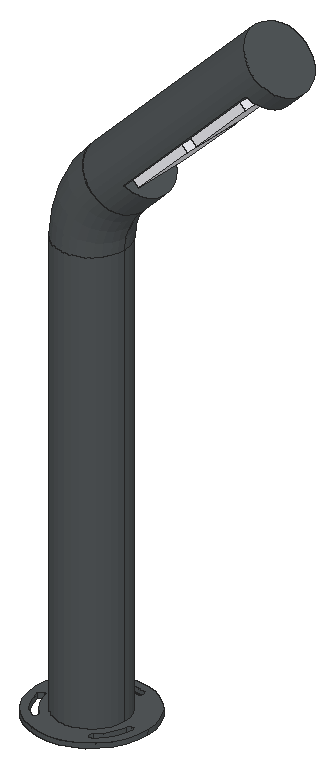
Revit family "Дио_мини", category Осветительные приборы, Revit 2019 (continued)
Parameters (values of type "ДТУ932 Светодиодный светильник Дио мини ДТУ-93-AF-12Вт-0,9")
    \r\n 126.7 125.5 124.1 122.6 121.0 119.5 117.8 116.3 115.0 113.9 113.1 112.5 111.8 110.7 109.5 108.5 107.4 106.4 105.3 104.2 102.8\r\n 101.5 100.3 99.3 98.4 97.7 97.1 96.4 96.1 95.6 95.3 95.0 94.7 94.8 94.8 94.9 95.1 95.1 95.3 95.3 95.4 95.6 95.7 96.0 96.2 96.3\r\n 96.5 96.6 96.7 96.8 97.0 97.3 97.5 97.7 97.6 97.4 97.0 96.3 95.4 93.9 92.3 90.1 87.4 84.4 80.8 77.3 74.2 71.4 69.4 67.2 64.7 62.7\r\n 60.6 58.5 56.1 53.6 51.2 48.9 46.6 44.5 42.6 40.8 39.1 37.7 36.2 34.6 32.6 30.4 28.3 26.1 24.0 21.7 19.4 16.8 13.9 10.9 8.4 7.2\r\n 6.3 5.5 4.6 4.0 3.6 3.3 3.1 3.0 3.0 2.9 2.8 2.7 2.6 2.6 2.7 2.8 2.9 2.7 2.3 0.3 0.0 0.0 0.0 0.0 0.0 0.0 0.0 0.0 0.0 0.0 0.0 0.0\r\n 0.0 0.0 0.0 0.0 0.0 0.0 0.0 0.0 0.0 0.0 0.0 0.0 0.0 0.0 0.0 0.0 0.0 0.0 0.0 0.0 0.0 0.0 0.0 0.0 0.0 0.0 0.0 0.0 0.0 0.0 0.0 0.0\r\n 0.0 0.0 0.0 0.0 0.0 0.0 0.0 0.0 0.0 0.0 0.0 0.0 0.0 0.0 0.0 0.0 0.0 0.0 0.0 0.0 0.0 0.0 0.0 0.0 0.0 0.0 0.0 0.0 0.0 0.0 0.0 0.0\r\n 0.0 0.0 0.0 0.0 0.0 0.0 0.0 0.0 0.0 0.0 0.0 0.0 0.0 0.0 0.0 0.0 0.0 0.0 0.0 0.0 0.0 0.0 0.0 0.0 0.0 0.0 0.0 0.0 0.0 0.0 0.0 0.0\r\n 0.0 0.0 0.0 0.0 0.0 0.0 0.0 0.0 0.0 0.0 0.0 0.0 0.0 0.0 0.0 0.0 0.0 0.0 0.0 0.0 0.0 0.0 0.0 0.0 0.0 0.0 0.0 0.0 0.0 0.0 0.0 0.0\r\n 0.0 0.0 0.0 0.0 0.0 0.0 0.0 0.0 0.0 0.0 0.0 0.0 0.0 0.0 0.0 0.0 0.0 0.0 0.0\r\n258.3 257.9 256.5 255.2 253.8 252.4 251.0 249.5 248.2 246.8 245.4 243.9 242.2 240.4 238.6 236.5 234.4 232.1 229.9 227.8 225.8\r\n 223.9 222.0 220.1 218.4 216.6 215.1 213.9 212.6 211.3 210.1 208.9 207.7 206.3 204.9 203.4 201.9 200.2 198.3 196.3 194.3 192.1\r\n 189.6 187.1 184.6 182.1 179.4 176.8 174.1 171.4 168.6 165.8 162.9 160.3 157.6 155.1 152.7 150.4 148.1 145.9 143.9 141.8 139.7\r\n 137.6 135.4 133.4 131.4 129.3 127.7 126.1 124.4 122.9 121.3 119.8 118.2 116.6 114.8 113.0 111.4 109.7 107.9 106.2 104.5 102.8\r\n 101.1 99.3 97.5 95.8 94.0 92.1 90.3 88.7 87.1 85.7 84.1 82.8 81.8 80.8 80.2 79.3 78.0 77.0 75.8 75.0 74.1 73.3 72.5 71.4 70.6\r\n 69.8 69.2 68.6 68.1 67.7 67.2 66.9 66.4 66.2 65.8 65.6 65.2 65.1 64.8 64.6 64.4 64.3 64.0 64.2 64.1 64.3 64.1 64.4 64.6 64.9 65.2\r\n 65.6 66.2 66.6 67.2 67.6 67.9 68.8 69.6 70.7 71.8 72.4 73.1 74.0 74.9 75.8 76.3 76.1 74.7 72.2 69.5 66.7 63.5 60.4 58.1 56.1 54.5\r\n 52.7 50.6 48.2 45.6 43.0 40.2 37.6 35.0 32.2 29.4 27.4 25.7 23.9 22.0 19.9 17.6 14.9 11.6 8.7 6.9 6.0 5.4 4.9 4.5 4.1 3.8 3.5 3.2\r\n 3.0 2.9 2.8 2.6 2.4 2.3 2.4 2.4 2.4 2.3 2.2 2.0 0.2 0.0 0.0 0.0 0.0 0.0 0.0 0.0 0.0 0.0 0.0 0.0 0.0 0.0 0.0 0.0 0.0 0.0 0.0 0.0\r\n 0.0 0.0 0.0 0.0 0.0 0.0 0.0 0.0 0.0 0.0 0.0 0.0 0.0 0.0 0.0 0.0 0.0 0.0 0.0 0.0 0.0 0.0 0.0 0.0 0.0 0.0 0.0 0.0 0.0 0.0 0.0 0.0\r\n 0.0 0.0 0.0 0.0 0.0 0.0 0.0 0.0 0.0 0.0 0.0 0.0 0.0 0.0 0.0 0.0 0.0 0.0 0.0 0.0 0.0 0.0 0.0 0.0 0.0 0.0 0.0 0.0 0.0 0.0 0.0 0.0\r\n 0.0 0.0 0.0 0.0 0.0 0.0 0.0 0.0 0.0 0.0 0.0 0.0 0.0 0.0 0.0 0.0 0.0 0.0 0.0 0.0 0.0 0.0 0.0 0.0 0.0 0.0 0.0 0.0 0.0 0.0 0.0 0.0\r\n 0.0 0.0 0.0 0.0 0.0 0.0 0.0 0.0 0.0 0.0 0.0 0.0 0.0 0.0 0.0 0.0 0.0 0.0 0.0 0.0 0.0 0.0 0.0 0.0 0.0 0.0 0.0 0.0 0.0 0.0 0.0 0.0\r\n 0.0 0.0 0.0 0.0 0.0 0.0 0.0 0.0 0.0 0.0 0.0 0.0\r\n258.3 258.0 256.5 255.0 253.4 252.0 250.4 248.8 247.4 246.0 244.3 242.7 240.8 238.7 236.3 233.9 231.6 229.2 227.0 224.9 222.9\r\n 221.1 219.2 217.3 215.7 214.2 212.9 211.4 210.1 208.7 207.3 205.7 204.1 202.3 200.4 198.2 195.8 193.3 190.6 187.8 184.9 181.9\r\n 178.8 175.6 172.4 169.1 165.6 162.4 159.2 156.1 153.2 150.4 147.7 145.3 143.0 140.6 138.4 135.9 133.3 130.8 128.4 126.0 123.9\r\n 122.1 120.3 118.5 116.8 115.0 113.2 111.3 109.1 106.9 104.7 102.6 100.3 97.8 95.6 93.3 91.0 88.9 86.9 85.0 83.0 81.0 79.3 77.4\r\n 75.7 73.8 71.8 69.9 67.9 66.2 64.4 62.9 61.4 60.0 58.7 57.4 56.5 55.3 54.8 54.0 53.5 52.6 52.0 51.4 50.9 50.4 49.9 49.5 48.9 48.3\r\n 47.5 46.9 46.3 45.8 45.3 44.8 44.4 43.9 43.7 43.2 43.1 42.8 42.7 42.6 42.4 42.4 42.0 42.0 42.0 41.8 42.0 41.9 42.6 44.3 45.7 47.8\r\n 49.9 52.1 55.2 58.6 62.2 64.9 66.5 66.8 66.2 65.2 64.1 62.9 61.9 61.1 60.3 59.3 58.3 57.5 56.6 55.6 54.8 54.2 53.5 52.6 51.5 50.1\r\n 48.3 46.1 43.1 39.1 35.4 32.6 30.3 28.2 26.0 23.8 21.7 19.4 16.7 13.7 10.6 8.4 7.2 6.4 5.8 5.2 4.7 4.2 3.8 3.4 3.1 2.8 2.4 2.2\r\n 2.0 2.0 1.9 1.9 1.9 1.8 1.7 1.7 1.7 0.3 0.0 0.0 0.0 0.0 0.0 0.0 0.0 0.0 0.0 0.0 0.0 0.0 0.0 0.0 0.0 0.0 0.0 0.0 0.0 0.0 0.0 0.0\r\n 0.0 0.0 0.0 0.0 0.0 0.0 0.0 0.0 0.0 0.0 0.0 0.0 0.0 0.0 0.0 0.0 0.0 0.0 0.0 0.0 0.0 0.0 0.0 0.0 0.0 0.0 0.0 0.0 0.0 0.0 0.0 0.0\r\n 0.0 0.0 0.0 0.0 0.0 0.0 0.0 0.0 0.0 0.0 0.0 0.0 0.0 0.0 0.0 0.0 0.0 0.0 0.0 0.0 0.0 0.0 0.0 0.0 0.0 0.0 0.0 0.0 0.0 0.0 0.0 0.0\r\n 0.0 0.0 0.0 0.0 0.0 0.0 0.0 0.0 0.0 0.0 0.0 0.0 0.0 0.0 0.0 0.0 0.0 0.0 0.0 0.0 0.0 0.0 0.0 0.0 0.0 0.0 0.0 0.0 0.0 0.0 0.0 0.0\r\n 0.0 0.0 0.0 0.0 0.0 0.0 0.0 0.0 0.0 0.0 0.0 0.0 0.0 0.0 0.0 0.0 0.0 0.0 0.0 0.0 0.0 0.0 0.0 0.0 0.0 0.0 0.0 0.0 0.0 0.0 0.0 0.0\r\n 0.0 0.0 0.0 0.0 0.0 0.0 0.0 0.0 0.0\r\n258.3 258.1 256.5 254.9 253.4 251.7 250.0 248.5 247.0 245.4 243.5 241.5 239.3 236.9 234.4 231.8 229.4 227.1 224.9 222.8 220.9\r\n 219.0 217.1 215.5 214.0 212.6 211.1 209.6 208.0 206.3 204.6 202.6 200.2 197.7 195.1 192.4 189.5 186.3 183.0 179.6 176.0 172.5\r\n 168.4 164.5 160.9 157.3 153.8 150.7 147.8 145.0 142.3 139.6 136.9 134.1 131.3 128.4 125.7 123.2 120.9 118.8 117.0 115.1 113.2\r\n 111.4 109.5 107.4 105.3 103.0 100.7 98.2 95.7 93.3 90.9 88.4 86.2 83.9 81.8 79.7 77.7 75.8 73.8 71.8 69.9 67.9 65.8 63.9 61.8\r\n 60.0 58.0 56.4 54.5 53.1 51.5 50.3 49.0 48.1 47.1 46.4 45.5 45.0 44.3 43.8 43.1 42.6 42.0 41.5 40.8 40.2 39.5 38.7 38.2 37.4 37.0\r\n 36.4 35.9 35.3 34.6 34.2 33.6 33.3 33.0 32.6 32.5 32.3 32.0 32.0 31.7 31.7 32.0 32.5 33.8 35.3 36.8 39.0 41.5 44.4 47.8 51.4 54.8\r\n 57.2 57.4 57.1 56.2 55.3 55.1 55.3 55.5 55.8 56.2 56.5 56.7 57.1 57.6 57.8 57.9 57.9 57.8 57.9 57.7 57.1 55.8 54.2 52.5 50.6 48.6\r\n 46.0 42.7 38.7 34.8 31.5 28.6 26.2 24.1 22.1 20.2 17.6 14.8 12.4 10.1 8.4 7.4 6.7 6.1 5.5 4.9 4.4 3.8 3.4 2.9 2.4 2.0 1.8 1.6 1.6\r\n 1.6 1.6 1.5 1.3 1.3 1.3 1.3 0.2 0.0 0.0 0.0 0.0 0.0 0.0 0.0 0.0 0.0 0.0 0.0 0.0 0.0 0.0 0.0 0.0 0.0 0.0 0.0 0.0 0.0 0.0 0.0 0.0\r\n 0.0 0.0 0.0 0.0 0.0 0.0 0.0 0.0 0.0 0.0 0.0 0.0 0.0 0.0 0.0 0.0 0.0 0.0 0.0 0.0 0.0 0.0 0.0 0.0 0.0 0.0 0.0 0.0 0.0 0.0 0.0 0.0\r\n 0.0 0.0 0.0 0.0 0.0 0.0 0.0 0.0 0.0 0.0 0.0 0.0 0.0 0.0 0.0 0.0 0.0 0.0 0.0 0.0 0.0 0.0 0.0 0.0 0.0 0.0 0.0 0.0 0.0 0.0 0.0 0.0\r\n 0.0 0.0 0.0 0.0 0.0 0.0 0.0 0.0 0.0 0.0 0.0 0.0 0.0 0.0 0.0 0.0 0.0 0.0 0.0 0.0 0.0 0.0 0.0 0.0 0.0 0.0 0.0 0.0 0.0 0.0 0.0 0.0\r\n 0.0 0.0 0.0 0.0 0.0 0.0 0.0 0.0 0.0 0.0 0.0 0.0 0.0 0.0 0.0 0.0 0.0 0.0 0.0 0.0 0.0 0.0 0.0 0.0 0.0 0.0 0.0 0.0 0.0 0.0 0.0 0.0\r\n 0.0 0.0 0.0 0.0 0.0 0.0 0.0\r\n258.3 258.2 256.6 254.9 253.2 251.5 249.8 248.1 246.4 244.5 242.7 240.4 237.8 235.1 232.4 229.8 227.3 225.1 223.0 220.9 218.8\r\n 216.9 215.4 213.8 212.4 210.8 209.1 207.3 205.3 203.1 200.6 197.9 194.9 191.8 188.6 185.2 181.5 177.6 173.5 169.3 165.2 161.2\r\n 157.3 153.6 150.2 147.0 143.9 141.1 137.9 134.7 131.3 128.1 125.1 122.3 119.6 117.2 114.7 112.4 110.2 108.2 106.2 104.2 102.2\r\n 100.0 97.8 95.6 93.4 91.1 89.0 86.8 84.7 82.5 80.4 78.3 76.1 74.1 72.1 69.9 67.8 65.7 63.5 61.5 59.5 57.6 55.9 54.5 53.1 52.0\r\n 50.8 49.8 48.7 47.7 46.8 45.8 44.9 44.0 43.1 42.3 41.5 40.7 39.9 39.1 38.3 37.6 36.8 36.1 35.5 34.9 34.4 34.0 33.5 33.2 32.9 32.7\r\n 32.6 32.4 32.3 32.1 32.0 31.8 31.7 31.5 31.5 31.5 31.5 32.1 33.2 34.5 36.2 38.2 40.3 42.7 45.6 49.1 52.3 54.2 55.2 55.9 56.5 57.2\r\n 58.0 58.6 59.1 59.6 60.2 60.6 60.4 59.9 59.1 58.2 57.8 57.8 58.2 58.5 58.7 58.6 57.9 56.6 54.9 53.2 51.4 49.4 46.9 44.3 41.9 39.5\r\n 36.9 33.9 31.0 28.5 26.2 24.2 22.6 20.7 18.4 15.7 13.4 11.8 10.0 8.6 7.7 6.9 6.3 5.6 5.0 4.5 3.9 3.3 2.5 1.9 1.6 1.4 1.4 1.3 1.2\r\n 1.1 1.1 1.0 1.0 0.9 0.7 0.2 0.0 0.0 0.0 0.0 0.0 0.0 0.0 0.0 0.0 0.0 0.0 0.0 0.0 0.0 0.0 0.0 0.0 0.0 0.0 0.0 0.0 0.0 0.0 0.0 0.0\r\n 0.0 0.0 0.0 0.0 0.0 0.0 0.0 0.0 0.0 0.0 0.0 0.0 0.0 0.0 0.0 0.0 0.0 0.0 0.0 0.0 0.0 0.0 0.0 0.0 0.0 0.0 0.0 0.0 0.0 0.0 0.0 0.0\r\n 0.0 0.0 0.0 0.0 0.0 0.0 0.0 0.0 0.0 0.0 0.0 0.0 0.0 0.0 0.0 0.0 0.0 0.0 0.0 0.0 0.0 0.0 0.0 0.0 0.0 0.0 0.0 0.0 0.0 0.0 0.0 0.0\r\n 0.0 0.0 0.0 0.0 0.0 0.0 0.0 0.0 0.0 0.0 0.0 0.0 0.0 0.0 0.0 0.0 0.0 0.0 0.0 0.0 0.0 0.0 0.0 0.0 0.0 0.0 0.0 0.0 0.0 0.0 0.0 0.0\r\n 0.0 0.0 0.0 0.0 0.0 0.0 0.0 0.0 0.0 0.0 0.0 0.0 0.0 0.0 0.0 0.0 0.0 0.0 0.0 0.0 0.0 0.0 0.0 0.0 0.0 0.0 0.0 0.0 0.0 0.0 0.0 0.0\r\n 0.0 0.0 0.0 0.0 0.0 0.0\r\n258.3 258.4 256.7 255.0 253.1 251.4 249.6 247.9 246.2 244.0 241.9 239.4 236.7 233.8 231.2 228.6 226.4 224.1 221.8 219.7 217.9\r\n 216.1 214.5 212.9 211.3 209.6 207.6 205.4 202.9 200.1 197.2 194.2 190.7 187.0 183.3 179.1 174.8 170.2 165.8 161.5 157.3 153.4\r\n 149.8 146.4 143.2 139.9 136.4 132.9 129.3 125.9 122.8 119.9 117.1 114.4 111.7 109.0 106.5 103.9 101.5 99.3 97.0 94.9 92.8 90.8\r\n 88.9 86.9 85.0 83.0 80.9 78.9 76.8 74.7 72.6 70.4 68.2 66.2 64.2 62.2 60.4 58.7 57.2 55.7 54.3 53.0 51.7 50.6 49.5 48.4 47.5 46.5\r\n 45.6 44.8 43.9 42.9 42.0 41.0 39.9 39.0 38.1 37.2 36.3 35.6 34.9 34.3 33.7 33.3 32.9 32.6 32.3 32.1 32.0 32.0 32.0 32.2 32.5 32.5\r\n 32.5 32.4 32.3 32.4 32.4 32.6 33.0 33.9 35.2 36.8 38.6 40.5 42.7 45.1 48.0 51.0 53.7 56.3 58.8 61.3 63.3 64.8 66.0 67.1 68.3 69.0\r\n 68.6 67.2 65.3 63.3 61.8 60.8 60.0 59.7 59.7 59.8 59.7 59.0 58.0 56.8 55.4 53.9 52.3 50.5 48.3 45.9 43.5 41.0 38.5 36.3 34.4 32.8\r\n 31.1 29.2 26.7 24.0 22.0 20.0 17.0 14.3 12.3 10.6 9.1 7.8 6.7 6.1 5.5 5.0 4.4 3.8 3.2 2.7 2.2 1.8 1.5 1.3 1.1 1.0 0.9 0.8 0.8 0.7\r\n 0.6 0.5 0.5 0.1 0.0 0.0 0.0 0.0 0.0 0.0 0.0 0.0 0.0 0.0 0.0 0.0 0.0 0.0 0.0 0.0 0.0 0.0 0.0 0.0 0.0 0.0 0.0 0.0 0.0 0.0 0.0 0.0\r\n 0.0 0.0 0.0 0.0 0.0 0.0 0.0 0.0 0.0 0.0 0.0 0.0 0.0 0.0 0.0 0.0 0.0 0.0 0.0 0.0 0.0 0.0 0.0 0.0 0.0 0.0 0.0 0.0 0.0 0.0 0.0 0.0\r\n 0.0 0.0 0.0 0.0 0.0 0.0 0.0 0.0 0.0 0.0 0.0 0.0 0.0 0.0 0.0 0.0 0.0 0.0 0.0 0.0 0.0 0.0 0.0 0.0 0.0 0.0 0.0 0.0 0.0 0.0 0.0 0.0\r\n 0.0 0.0 0.0 0.0 0.0 0.0 0.0 0.0 0.0 0.0 0.0 0.0 0.0 0.0 0.0 0.0 0.0 0.0 0.0 0.0 0.0 0.0 0.0 0.0 0.0 0.0 0.0 0.0 0.0 0.0 0.0 0.0\r\n 0.0 0.0 0.0 0.0 0.0 0.0 0.0 0.0 0.0 0.0 0.0 0.0 0.0 0.0 0.0 0.0 0.0 0.0 0.0 0.0 0.0 0.0 0.0 0.0 0.0 0.0 0.0 0.0 0.0 0.0 0.0 0.0\r\n 0.0 0.0 0.0\r\n258.3 258.5 256.8 255.0 253.1 251.3 249.5 247.6 245.8 243.6 241.2 238.6 235.5 232.8 230.0 227.6 225.3 222.9 220.8 218.7 216.9\r\n 215.1 213.5 211.8 210.0 207.9 205.4 202.8 199.8 196.5 193.1 189.3 185.4 181.1 176.5 171.8 166.9 162.5 158.1 153.9 150.2 146.6\r\n 143.1 139.5 135.8 131.9 128.0 124.8 121.5 118.5 115.5 112.4 109.4 106.5 103.8 101.2 98.6 96.2 93.9 91.7 89.7 87.7 85.8 83.9 82.0\r\n 80.1 78.2 76.1 74.0 71.7 69.4 67.3 65.3 63.4 61.8 60.2 58.8 57.4 56.0 54.7 53.6 52.6 51.6 50.6 49.7 48.8 47.9 47.0 46.0 45.1 44.0\r\n 42.9 41.7 40.5 39.3 38.2 37.2 36.2 35.3 34.6 34.0 33.4 33.0 32.6 32.3 32.1 32.0 32.0 32.3 32.5 32.8 33.7 34.6 35.2 35.6 36.0 35.5\r\n 34.5 33.9 33.8 34.0 34.7 35.8 37.5 39.5 41.5 43.6 46.1 48.9 52.2 55.9 59.9 63.9 67.5 70.4 72.8 75.1 76.7 77.6 77.2 75.4 72.8 70.6\r\n 68.8 67.3 65.8 64.6 64.1 63.8 63.7 63.4 62.7 61.5 60.3 59.0 57.5 56.0 54.3 52.4 50.2 47.6 44.8 42.0 39.6 37.6 35.7 33.8 32.0 30.3\r\n 28.4 26.1 23.8 20.5 17.5 14.6 12.4 10.7 9.3 8.0 6.6 5.5 5.1 4.6 4.2 3.6 3.0 2.4 2.0 1.6 1.2 1.0 0.8 0.6 0.6 0.5 0.5 0.4 0.4 0.3\r\n 0.3 0.3 0.0 0.0 0.0 0.0 0.0 0.0 0.0 0.0 0.0 0.0 0.0 0.0 0.0 0.0 0.0 0.0 0.0 0.0 0.0 0.0 0.0 0.0 0.0 0.0 0.0 0.0 0.0 0.0 0.0 0.0\r\n 0.0 0.0 0.0 0.0 0.0 0.0 0.0 0.0 0.0 0.0 0.0 0.0 0.0 0.0 0.0 0.0 0.0 0.0 0.0 0.0 0.0 0.0 0.0 0.0 0.0 0.0 0.0 0.0 0.0 0.0 0.0 0.0\r\n 0.0 0.0 0.0 0.0 0.0 0.0 0.0 0.0 0.0 0.0 0.0 0.0 0.0 0.0 0.0 0.0 0.0 0.0 0.0 0.0 0.0 0.0 0.0 0.0 0.0 0.0 0.0 0.0 0.0 0.0 0.0 0.0\r\n 0.0 0.0 0.0 0.0 0.0 0.0 0.0 0.0 0.0 0.0 0.0 0.0 0.0 0.0 0.0 0.0 0.0 0.0 0.0 0.0 0.0 0.0 0.0 0.0 0.0 0.0 0.0 0.0 0.0 0.0 0.0 0.0\r\n 0.0 0.0 0.0 0.0 0.0 0.0 0.0 0.0 0.0 0.0 0.0 0.0 0.0 0.0 0.0 0.0 0.0 0.0 0.0 0.0 0.0 0.0 0.0 0.0 0.0 0.0 0.0 0.0 0.0 0.0 0.0 0.0\r\n 0.0 0.0\r\n258.3 258.7 257.0 255.1 253.1 251.3 249.4 247.4 245.5 243.3 240.7 238.0 235.1 232.1 229.5 227.0 224.7 222.3 220.3 218.3 216.6\r\n 214.9 213.1 211.3 209.2 206.8 204.1 201.3 197.7 194.1 190.4 186.2 181.7 177.0 172.0 167.1 162.3 157.9 153.6 149.8 146.0 142.4\r\n 138.6 134.5 130.5 126.8 123.4 120.1 116.9 113.7 110.3 107.2 104.1 101.1 98.2 95.6 93.3 91.0 88.9 86.9 84.9 82.9 81.0 79.1 77.2\r\n 75.2 73.1 71.0 68.8 66.7 64.7 62.9 61.3 59.8 58.5 57.2 56.0 54.8 53.6 52.6 51.6 50.7 49.9 49.2 48.4 47.7 46.8 45.8 44.8 43.6 42.3\r\n 41.0 39.8 38.6 37.4 36.4 35.5 34.7 34.0 33.5 33.0 32.7 32.4 32.2 32.2 32.2 32.3 32.3 32.3 32.4 32.5 32.7 33.0 33.2 33.5 33.7 33.9\r\n 34.0 34.2 34.4 35.0 36.1 37.7 39.6 42.0 44.5 47.3 50.8 54.9 59.8 65.0 69.9 74.5 78.5 81.3 83.3 84.7 84.6 82.8 80.0 77.2 75.1 73.4\r\n 71.9 70.6 69.7 69.4 69.4 69.5 69.2 68.4 67.2 65.7 64.1 62.2 60.4 58.4 56.1 53.5 50.9 48.2 45.4 42.7 40.0 37.5 35.1 32.9 30.8 28.7\r\n 26.7 24.6 22.5 20.2 17.1 14.4 12.4 11.0 9.8 8.3 6.6 5.8 5.3 4.8 4.3 3.5 2.8 2.2 1.7 1.3 0.9 0.6 0.5 0.3 0.3 0.3 0.3 0.3 0.3 0.3\r\n 0.3 0.3 0.1 0.0 0.0 0.0 0.0 0.0 0.0 0.0 0.0 0.0 0.0 0.0 0.0 0.0 0.0 0.0 0.0 0.0 0.0 0.0 0.0 0.0 0.0 0.0 0.0 0.0 0.0 0.0 0.0 0.0\r\n 0.0 0.0 0.0 0.0 0.0 0.0 0.0 0.0 0.0 0.0 0.0 0.0 0.0 0.0 0.0 0.0 0.0 0.0 0.0 0.0 0.0 0.0 0.0 0.0 0.0 0.0 0.0 0.0 0.0 0.0 0.0 0.0\r\n 0.0 0.0 0.0 0.0 0.0 0.0 0.0 0.0 0.0 0.0 0.0 0.0 0.0 0.0 0.0 0.0 0.0 0.0 0.0 0.0 0.0 0.0 0.0 0.0 0.0 0.0 0.0 0.0 0.0 0.0 0.0 0.0\r\n 0.0 0.0 0.0 0.0 0.0 0.0 0.0 0.0 0.0 0.0 0.0 0.0 0.0 0.0 0.0 0.0 0.0 0.0 0.0 0.0 0.0 0.0 0.0 0.0 0.0 0.0 0.0 0.0 0.0 0.0 0.0 0.0\r\n 0.0 0.0 0.0 0.0 0.0 0.0 0.0 0.0 0.0 0.0 0.0 0.0 0.0 0.0 0.0 0.0 0.0 0.0 0.0 0.0 0.0 0.0 0.0 0.0 0.0 0.0 0.0 0.0 0.0 0.0 0.0 0.0\r\n 0.0 0.0\r\n258.3 259.0 257.2 255.3 253.1 251.4 249.4 247.3 245.3 243.0 240.4 237.3 234.3 231.4 228.9 226.4 224.0 221.7 219.6 217.8 216.0\r\n 214.3 212.6 210.6 208.2 205.5 202.5 199.1 195.2 191.4 187.0 182.4 177.3 172.3 167.3 162.3 157.8 153.6 149.7 145.8 141.9 137.8\r\n 133.6 129.3 125.7 122.3 118.9 115.5 112.1 108.8 105.7 102.5 99.4 96.7 94.2 91.8 89.4 87.2 85.1 83.0 80.9 78.9 77.0 75.1 73.0 70.9\r\n 68.9 66.9 65.0 63.1 61.4 60.0 58.6 57.4 56.2 55.1 54.1 53.2 52.2 51.3 50.5 49.8 49.0 48.3 47.4 46.6 45.6 44.6 43.4 42.1 40.9 39.6\r\n 38.5 37.4 36.3 35.4 34.7 34.1 33.7 33.3 33.1 32.9 32.9 33.0 33.0 33.0 33.1 33.1 33.2 33.4 33.6 33.8 34.0 34.2 34.4 34.7 34.9 35.3\r\n 35.7 36.2 37.1 38.7 40.7 43.3 46.4 49.9 54.2 59.1 64.4 70.1 75.9 81.4 85.9 89.2 91.1 91.7 90.7 88.1 84.8 82.2 80.0 78.1 76.6 75.6\r\n 75.1 74.9 74.8 74.9 74.6 73.9 72.9 71.4 69.2 66.4 63.3 60.6 58.6 56.6 54.3 51.3 47.3 43.3 39.9 37.0 34.3 32.0 30.1 28.2 26.4 24.6\r\n 22.9 21.1 18.9 16.3 14.0 12.3 11.0 9.9 8.5 6.7 5.1 4.7 4.0 3.6 3.2 2.7 2.1 1.7 1.3 0.9 0.6 0.4 0.3 0.3 0.3 0.3 0.2 0.2 0.2 0.2\r\n 0.2 0.0 0.0 0.0 0.0 0.0 0.0 0.0 0.0 0.0 0.0 0.0 0.0 0.0 0.0 0.0 0.0 0.0 0.0 0.0 0.0 0.0 0.0 0.0 0.0 0.0 0.0 0.0 0.0 0.0 0.0 0.0\r\n 0.0 0.0 0.0 0.0 0.0 0.0 0.0 0.0 0.0 0.0 0.0 0.0 0.0 0.0 0.0 0.0 0.0 0.0 0.0 0.0 0.0 0.0 0.0 0.0 0.0 0.0 0.0 0.0 0.0 0.0 0.0 0.0\r\n 0.0 0.0 0.0 0.0 0.0 0.0 0.0 0.0 0.0 0.0 0.0 0.0 0.0 0.0 0.0 0.0 0.0 0.0 0.0 0.0 0.0 0.0 0.0 0.0 0.0 0.0 0.0 0.0 0.0 0.0 0.0 0.0\r\n 0.0 0.0 0.0 0.0 0.0 0.0 0.0 0.0 0.0 0.0 0.0 0.0 0.0 0.0 0.0 0.0 0.0 0.0 0.0 0.0 0.0 0.0 0.0 0.0 0.0 0.0 0.0 0.0 0.0 0.0 0.0 0.0\r\n 0.0 0.0 0.0 0.0 0.0 0.0 0.0 0.0 0.0 0.0 0.0 0.0 0.0 0.0 0.0 0.0 0.0 0.0 0.0 0.0 0.0 0.0 0.0 0.0 0.0 0.0 0.0 0.0 0.0 0.0 0.0 0.0\r\n 0.0\r\n258.3 259.2 257.4 255.4 253.4 251.5 249.6 247.5 245.3 242.9 240.2 237.2 234.1 231.2 228.6 226.3 223.9 221.5 219.6 217.9 216.1\r\n 214.3 212.6 210.4 207.9 205.0 201.8 198.1 194.3 190.2 185.7 180.8 175.5 170.4 165.4 160.8 156.2 152.1 148.1 144.3 140.0 135.6\r\n 131.4 127.4 123.8 120.4 116.9 113.3 109.8 106.4 103.2 100.1 97.3 94.6 92.2 89.8 87.5 85.2 83.0 80.8 78.8 76.8 74.8 72.7 70.7 68.7\r\n 66.8 64.8 63.0 61.3 59.8 58.5 57.3 56.3 55.3 54.4 53.5 52.7 51.9 51.1 50.3 49.6 48.9 48.2 47.3 46.3 45.2 44.0 42.7 41.5 40.2 39.1\r\n 38.1 37.2 36.3 35.6 35.1 34.7 34.3 34.2 34.0 34.0 33.9 33.9 33.9 34.0 34.0 34.2 34.3 34.5 34.6 34.7 34.9 35.1 35.4 35.7 36.1 36.6\r\n 37.1 37.8 38.8 40.4 42.8 45.8 49.7 54.7 59.8 64.8 70.0 76.0 82.3 88.4 93.2 96.2 97.3 96.0 92.6 89.1 86.4 84.1 82.2 80.6 79.5 78.9\r\n 78.7 78.6 78.7 78.5 78.1 77.3 75.9 73.6 70.3 66.7 63.7 61.9 60.5 58.8 55.8 51.0 45.7 41.4 38.1 35.6 33.8 31.9 29.8 27.7 25.6 23.7\r\n 21.9 20.2 17.9 15.3 13.4 12.0 10.5 8.1 6.4 5.0 4.4 4.1 3.8 3.6 3.2 2.7 2.1 1.7 1.4 1.1 0.7 0.5 0.3 0.2 0.2 0.2 0.2 0.2 0.2 0.2\r\n
